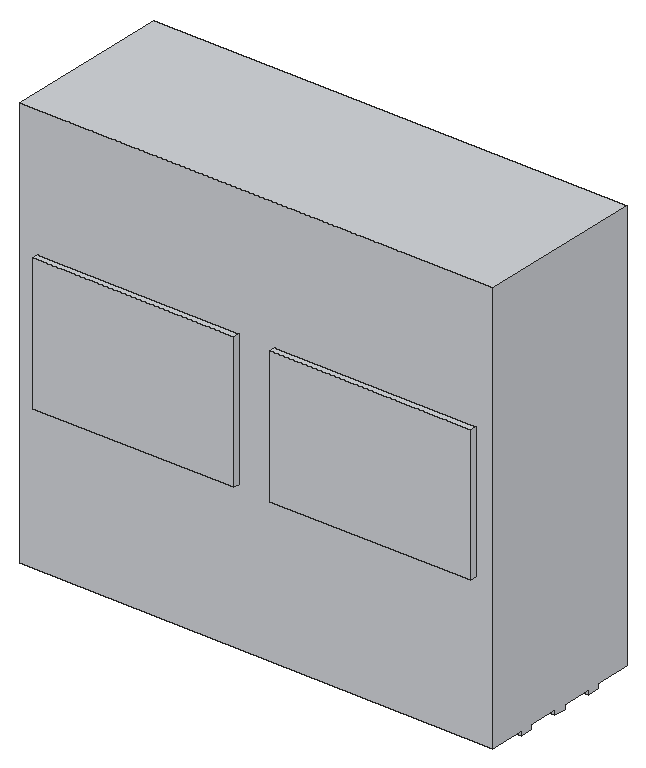
Revit family "829c65fca8234ed487878ad3ebd591b8", category Mechanical Equipment, Revit 2021
Family settings
  Round Connector Dimension = Use Radius
  Part Type = Normal
  OmniClass Number = 23.75.10.21.17
  OmniClass Title = Water-Source Heat Pumps
  Seek Item ID = WSHP - Vertical - 13-20 Tons - Front Return - Rear Discharge-0000-USA-ENU
  Work Plane-Based = No
  Always vertical = Yes
  Cut with Voids When Loaded = No
  Shared = No
  Room Calculation Point = No
Parameters (values of type "20 Tons")
  Water Supply Radius = 3/4"
  Water Supply Diameter = Water Supply Radius * 2  # 1 1/2"
  Water Return Radius = 3/4"
  Water Return Diameter = Water Return Radius * 2  # 1 1/2"
  Water Pressure Drop [instance] = 14.60 psi
  Water Flow [instance] = 60 GPM
  Voltage = 460 V
  Supply Air Width = 18 205/256"
  Supply Air Height = 16 13/128"
  Return Air Width = 34 205/256"
  Return Air Height = 23 51/128"
  Pump Width = 2' - 5"
  Pump Material = none
  Pump Length = 6' - 10"
  Pump Height = 5' - 11 1/2"
  Number of Poles = 3
  Load Classification = Cooling
  Drain Flow [instance] = 0 GPM
  Distance 1 = 1' - 10 77/256"
  Default Elevation = 0' - 0"
  Condensate Radius = 1/2"
  Condensate Diameter = Condensate Radius * 2  # 1"
  C8 Offset 2 = 0' - 2 13/128"
  C8 Offset 1 = 0' - 1"
  C6 Offset 2 = 1' - 10 77/128"
  C6 Offset 1 = 0' - 3 13/128"
  C4 Offset 1 = 0' - 5 205/256"
  C3 Offset 1 = 1' - 2 1/2"
  C2 Offset 1 = 0' - 4"
  C1 Offset 2 = 1' - 8 1/2"
  C1 Offset 1 = 0' - 7 51/128"
  Apparent Load = 18768 VA
  External Static Pressure [instance] = 1.50 in-wg
  Air Flow 1 [instance] = Air Flow / 2  # 4200 CFM
  Air Flow [instance] = 8400 CFM
Types (4): name | Water Pressure Drop | Water Flow | Supply Air Width | Supply Air Height | Return Air Height | Distance 1 | C4 Offset 1 | Apparent Load | External Static Pressure | Air Flow 1 | Air Flow
  (no name) | 14.60 psi | 60 GPM | 18 205/256" | 16 13/128" | 23 51/128" | 1' - 10 77/256" | 0' - 5 205/256" | 18768 VA | 1.50 in-wg | 4200 CFM | 8400 CFM
  13 Tons | 9.40 psi | 37 GPM | 14 179/256" | 15 205/256" | 23 77/128" | 1' - 1 205/256" | 1' - 7 51/128" | 11132 VA | 1.00 in-wg | 2600 CFM | 5200 CFM
  17 Tons | 11.10 psi | 48 GPM | 18 205/256" | 16 13/128" | 23 51/128" | 1' - 10 77/256" | 0' - 5 205/256" | 17296 VA | 1.50 in-wg | 3500 CFM | 7000 CFM
  20 Tons | 14.60 psi | 60 GPM | 18 205/256" | 16 13/128" | 23 51/128" | 1' - 10 77/256" | 0' - 5 205/256" | 18768 VA | 1.50 in-wg | 4200 CFM | 8400 CFM
Reference planes (in)
  plane 1 "Center (Front/Back)": y = 0
  plane 2: z = 0
  plane 3 "Center (Left/Right)": x = 0
  plane 4: x = 82
  plane 5: y = 29
  plane 6: z = 72.25
  plane 7: z = 0.75
  plane 8: y = 14.5
  plane 9: y = 15.5
  plane 10: y = 13.5
  plane 11: y = 21.75
  plane 12: y = 7.25
  plane 13: y = 22.75
  plane 14: y = 20.75
  plane 15: y = 8.25
  plane 16: y = 6.25
  plane 17: z = 21.25
  plane 18: y = 4
  plane 19: y = 7.39844
  plane 20: y = 14.5
  plane 21: x = -1
  plane 22: z = 2.10156
  plane 23: x = 81
  plane 24: y = -1
  plane 25: x = 3.10156
  plane 26: z = 49.64844
  plane 27: x = 37.90234
  plane 28: x = 44.20234
  plane 29: x = 79.00313
  plane 30: z = 26.25
  plane 31: x = 65.70313
  plane 32: x = 46.90234
  plane 33: x = 24.60156
  plane 34: x = 5.80078
  plane 35: z = 70.5
  plane 36: z = 54.39844
  plane 37: y = 30
  plane 38: y = 1
Forms (in)
  Extrusion 1, solid, material <- "Pump Material"
    sketch origin (0, 0, 0) x (1, 0, 0) y (0, 1, 0)
      loop
        line (0, 29) -> (0, 0) -> (82, 0) -> (82, 29) -> (0, 29)
    from 0.75 to 72.25
  Extrusion 2, solid, material <- "Pump Material"
    sketch origin (0, 0, 0) x (0, 1, 0) y (0, 0, 1)
      loop
        line (15.5, 0.75) -> (13.5, 0.75) -> (13.5, 0) -> (15.5, 0) -> (15.5, 0.75)
    from 0 to 82
  Extrusion 3, solid, material <- "Pump Material"
    sketch origin (0, 0, 0) x (0, 1, 0) y (0, 0, 1)
      loop
        line (22.75, 0.75) -> (20.75, 0.75) -> (20.75, 0) -> (22.75, 0) -> (22.75, 0.75)
    from 0 to 82
  Extrusion 4, solid, material <- "Pump Material"
    sketch origin (0, 0, 0) x (0, 1, 0) y (0, 0, 1)
      loop
        line (8.25, 0.75) -> (6.25, 0.75) -> (6.25, 0) -> (8.25, 0) -> (8.25, 0.75)
    from 0 to 82
  Extrusion 5, solid, material <- "Pump Material"
    sketch origin (0, 0, 0) x (0, 1, 0) y (0, 0, 1)
      loop
        circle (4, 21.25) r 0.75
    from 0 to -1
  Extrusion 6, solid, material <- "Pump Material"
    sketch origin (0, 0, 0) x (0, 1, 0) y (0, 0, 1)
      loop
        circle (7.39844, 21.25) r 0.75
    from 0 to -1
  Extrusion 7, solid, material <- "Pump Material"
    sketch origin (0, 0, 0) x (0, 1, 0) y (0, 0, 1)
      loop
        circle (14.5, 21.25) r 0.5
    from 0 to -1
  Extrusion 8, solid, material <- "Pump Material"
    sketch origin (0, 0, 0) x (1, 0, 0) y (0, 0, 1)
      loop
        circle (81, 2.10156) r 0.5
    from -1 to 0
  Extrusion 9, solid, material <- "Pump Material"
    sketch origin (0, 0, 0) x (1, 0, 0) y (0, 0, 1)
      loop
        line (3.10156, 49.64844) -> (3.10156, 26.25) -> (37.90234, 26.25) -> (37.90234, 49.64844) -> (3.10156, 49.64844)
      loop
        line (44.20234, 49.64844) -> (44.20234, 26.25) -> (79.00313, 26.25) -> (79.00313, 49.64844) -> (44.20234, 49.64844)
    from 0 to 1
  Extrusion 10, solid, material <- "Pump Material"
    sketch origin (0, 0, 0) x (1, 0, 0) y (0, 0, 1)
      loop
        line (5.80078, 70.5) -> (5.80078, 54.39844) -> (24.60156, 54.39844) -> (24.60156, 70.5) -> (5.80078, 70.5)
    from -29 to -30
  Extrusion 11, solid, material <- "Pump Material"
    sketch origin (0, 0, 0) x (1, 0, 0) y (0, 0, 1)
      loop
        line (46.90234, 70.5) -> (46.90234, 54.39844) -> (65.70313, 54.39844) -> (65.70313, 70.5) -> (46.90234, 70.5)
    from -29 to -30
Cuts and joins
  joined: Extrusion 1, Extrusion 2, Extrusion 3, Extrusion 4, Extrusion 5, Extrusion 6, Extrusion 7, Extrusion 8, Extrusion 9, Extrusion 10, Extrusion 11
Dimensions and locks (in)
  "Pump Length": plane 3 "Center (Left/Right)" to plane 4
  "Pump Width": plane 5 to plane 1 "Center (Front/Back)"
  locked: plane 7 to plane 2 at 0.75
  "Pump Height": plane 6 to plane 7
  equal spacing: plane 5, plane 8, plane 1 "Center (Front/Back)"
  plane 9 to plane 8 to plane 10 = 0' - 1" locked, 0' - 1" locked
  equal spacing: plane 5, plane 11, plane 8
  equal spacing: plane 8, plane 12, plane 1 "Center (Front/Back)"
  plane 13 to plane 11 to plane 14 = 0' - 1" locked, 0' - 1" locked
  plane 15 to plane 12 to plane 16 = 0' - 1" locked, 0' - 1" locked
  plane 17 to plane 7 = 1' - 8 1/2"
  "C2 Offset 1": plane 18 to plane 1 "Center (Front/Back)"
  "C1 Offset 1": plane 19 to plane 1 "Center (Front/Back)"
  "C3 Offset 1": plane 20 to plane 1 "Center (Front/Back)"
  plane 21 to plane 3 "Center (Left/Right)" = 0' - 1"
  "C8 Offset 2": plane 22 to plane 2
  "C8 Offset 1": plane 4 to plane 23
  locked: plane 24 to plane 1 "Center (Front/Back)" at 1
  locked: plane 27 to plane 28 at 6.3
  "C6 Offset 1": plane 25 to plane 3 "Center (Left/Right)"
  "Return Air Width": plane 25 to plane 27
  "Return Air Width": plane 28 to plane 29
  "C6 Offset 2": plane 6 to plane 26
  "Return Air Height": plane 26 to plane 30
  "C4 Offset 1": plane 3 "Center (Left/Right)" to plane 34
  "Supply Air Width": plane 34 to plane 33
  "Distance 1": plane 33 to plane 32
  "Supply Air Width": plane 32 to plane 31
  locked: plane 6 to plane 35 at 1.75
  "Supply Air Height": plane 35 to plane 36
  locked: plane 37 to plane 5 at 1
  locked: plane 38 to plane 1 "Center (Front/Back)" at 1
  "Water Return Radius": radius of Extrusion 5 sketch curve
  "Water Supply Radius": radius of Extrusion 6 sketch curve
  "Condensate Radius": radius of Extrusion 7 sketch curve
  radius of Extrusion 8 sketch curve = 0' - 0 1/2"
  aligned and locked: Extrusion 1 to plane 3 "Center (Left/Right)"
  aligned and locked: Extrusion 1 to plane 5
  aligned and locked: plane 4 to Extrusion 1
  aligned and locked: plane 1 "Center (Front/Back)" to Extrusion 1
  aligned and locked: Extrusion 1 to plane 6
  aligned and locked: Extrusion 1 to plane 7
  aligned and locked: Extrusion 2 to plane 9
  aligned and locked: plane 10 to Extrusion 2
  aligned and locked: plane 7 to Extrusion 2
  aligned and locked: Extrusion 2 to plane 2
  aligned and locked: Extrusion 3 to plane 13
  aligned and locked: plane 14 to Extrusion 3
  aligned and locked: plane 7 to Extrusion 3
  aligned and locked: Extrusion 3 to plane 2
  aligned and locked: Extrusion 4 to plane 15
  aligned and locked: plane 16 to Extrusion 4
  aligned and locked: plane 7 to Extrusion 4
  aligned and locked: Extrusion 4 to plane 2
  aligned and locked: Extrusion 3 to plane 3 "Center (Left/Right)"
  aligned and locked: Extrusion 2 to plane 3 "Center (Left/Right)"
  aligned and locked: Extrusion 4 to plane 3 "Center (Left/Right)"
  aligned and locked: plane 4 to Extrusion 3
  aligned and locked: plane 4 to Extrusion 2
  aligned and locked: plane 4 to Extrusion 4
  aligned and locked: plane 17 to Extrusion 5 sketch curve
  aligned and locked: plane 17 to Extrusion 6 sketch curve
  aligned and locked: plane 17 to Extrusion 7 sketch curve
  aligned and locked: plane 18 to Extrusion 5 sketch curve
  aligned and locked: plane 19 to Extrusion 6 sketch curve
  aligned and locked: plane 20 to Extrusion 7 sketch curve
  aligned and locked: Extrusion 7 to plane 3 "Center (Left/Right)"  (x2)
  aligned and locked: Extrusion 7 to plane 21
  aligned and locked: Extrusion 6 to plane 21
  aligned and locked: Extrusion 5 to plane 21
  aligned and locked: plane 3 "Center (Left/Right)" to Extrusion 6
  aligned and locked: plane 3 "Center (Left/Right)" to Extrusion 5
  aligned and locked: Extrusion 8 sketch curve to plane 22
  aligned and locked: plane 23 to Extrusion 8 sketch curve
  aligned and locked: Extrusion 9 to plane 25
  aligned and locked: Extrusion 9 to plane 27
  aligned and locked: plane 28 to Extrusion 9
  aligned and locked: plane 29 to Extrusion 9
  aligned and locked: Extrusion 9 to plane 26  (x2)
  aligned and locked: plane 30 to Extrusion 9  (x2)
  aligned and locked: Extrusion 9 to plane 24
  aligned and locked: plane 32 to Extrusion 11
  aligned and locked: Extrusion 11 to plane 31
  aligned and locked: Extrusion 10 to plane 33
  aligned and locked: plane 34 to Extrusion 10
  aligned and locked: plane 35 to Extrusion 11
  aligned and locked: plane 35 to Extrusion 10
  aligned and locked: Extrusion 11 to plane 36
  aligned and locked: Extrusion 10 to plane 36
  aligned and locked: plane 37 to Extrusion 10
  aligned and locked: plane 37 to Extrusion 11
  aligned and locked: Extrusion 10 to plane 5
  aligned and locked: Extrusion 11 to plane 5
  aligned and locked: plane 38 to Extrusion 8
  aligned and locked: plane 1 "Center (Front/Back)" to Extrusion 8
Automatic sketch dimensions
  plane 3 "Center (Left/Right)" to Extrusion 1 sketch curve = 0' - 0"
  Extrusion 1 sketch curve to plane 1 "Center (Front/Back)" = 0' - 0"
  plane 4 to Extrusion 1 sketch curve = 0' - 0"
  plane 5 to Extrusion 1 sketch curve = 0' - 0"
  plane 8 to Extrusion 2 sketch curve = 0' - 1"
  Extrusion 2 sketch curve to plane 8 = 0' - 1"
  Extrusion 2 sketch curve to level = 0' - 0"
  plane 7 to Extrusion 2 sketch curve = 0' - 0"
  plane 11 to Extrusion 3 sketch curve = 0' - 1"
  Extrusion 3 sketch curve to plane 11 = 0' - 1"
  Extrusion 3 sketch curve to level = 0' - 0"
  plane 7 to Extrusion 3 sketch curve = 0' - 0"
  plane 12 to Extrusion 4 sketch curve = 0' - 1"
  Extrusion 4 sketch curve to level = 0' - 0"
  Extrusion 4 sketch curve to plane 12 = 0' - 1"
  plane 7 to Extrusion 4 sketch curve = 0' - 0"
  plane 17 to Extrusion 9 sketch curve = 0' - 5"  (x2)
  Extrusion 9 sketch curve to plane 6 = 1' - 10 77/128"  (x2)
  Extrusion 9 sketch curve to plane 27 = 0' - 0"
  Extrusion 9 sketch curve to plane 25 = 0' - 0"
  Extrusion 9 sketch curve to plane 28 = 0' - 0"
  Extrusion 9 sketch curve to plane 29 = 0' - 0"
  plane 25 to Extrusion 10 sketch curve = 0' - 2 179/256"
  Extrusion 10 sketch curve to plane 26 = 0' - 4 3/4"
  plane 27 to Extrusion 10 sketch curve = 1' - 1 77/256"
  Extrusion 10 sketch curve to plane 6 = 0' - 1 3/4"
  Extrusion 11 sketch curve to plane 26 = 0' - 4 3/4"
  Extrusion 11 sketch curve to plane 28 = 0' - 2.7"
  plane 29 to Extrusion 11 sketch curve = 1' - 1.3"
  Extrusion 11 sketch curve to plane 6 = 0' - 1 3/4"
Connectors (in)
  piping at (-1, 7.39844, 21.25), diameter 1.5, driven by "Water Flow", driven by "Water Supply Radius"
    settings: on Extrusion 6, index 1, connector inside diameter 1 1/2", connector length 0' - 0", flow factor 0, pipe flow 60 GPM, pressure drop 0.00 psi, fitting loss kfactor 0, connector angle 0.00°, fixture units 0, engagement length 0' - 0", angle of deflection 0.00°, flow configuration 1, flow direction 1, fitting loss method 4, system type 7, joint type 0, gender type 0, connector reference index 2, connector utility 0, adjustable connector no, is connector primary yes, connector description "Water Supply In"
  piping at (-1, 4, 21.25), diameter 1.5, driven by "Water Flow", driven by "Water Return Radius", driven by "Water Pressure Drop"
    settings: on Extrusion 5, index 2, connector inside diameter 1 1/2", connector length 0' - 0", flow factor 0, pipe flow 60 GPM, pressure drop 14.60 psi, fitting loss kfactor 0, connector angle 0.00°, fixture units 0, engagement length 0' - 0", angle of deflection 0.00°, flow configuration 1, flow direction 2, fitting loss method 4, system type 8, joint type 0, gender type 0, connector reference index 1, connector utility 0, adjustable connector no, is connector primary no, connector description "Water Return Out"
  piping at (-1, 14.5, 21.25), diameter 1, driven by "Condensate Radius", driven by "Drain Flow"
    settings: on Extrusion 7, index 3, connector inside diameter 1", connector length 0' - 0", flow factor 0, pipe flow 0 GPM, pressure drop 0.00 psi, fitting loss kfactor 0, connector angle 0.00°, fixture units 0, engagement length 0' - 0", angle of deflection 0.00°, flow configuration 1, flow direction 2, fitting loss method 0, system type 16, joint type 0, gender type 0, connector reference index -1, connector utility 0, adjustable connector yes, is connector primary no, connector description "Condensate Out"
  hvac at (15.20117, 30, 62.44922), driven by "Air Flow 1", driven by "Supply Air Height", driven by "Supply Air Width"
    settings: on Extrusion 10, index 4, duct flow 4200 CFM, flow factor 0, pres drop 0.00 in-wg, loss coef 0, conn angle 0.00°, conn width 18 205/256", conn height 16 13/128", conn diameter 24", duct sys type 1, conn prof type 1, flow config 0, flow direction 2, loss method 0, conn ref index -1, conn util no, is conn primary yes, conn desc ""
  hvac at (56.30273, 30, 62.44922), driven by "Air Flow 1", driven by "Supply Air Height", driven by "Supply Air Width"
    settings: on Extrusion 11, index 5, duct flow 4200 CFM, flow factor 0, pres drop 0.00 in-wg, loss coef 0, conn angle 0.00°, conn width 18 205/256", conn height 16 13/128", conn diameter 24", duct sys type 1, conn prof type 1, flow config 0, flow direction 2, loss method 0, conn ref index -1, conn util no, is conn primary no, conn desc ""
  hvac at (20.50195, -1, 37.94922), driven by "Air Flow 1", driven by "Return Air Height", driven by "Return Air Width"
    settings: on Extrusion 9, index 6, duct flow 4200 CFM, flow factor 0, pres drop 0.00 in-wg, loss coef 0, conn angle 0.00°, conn width 34 205/256", conn height 23 51/128", conn diameter 24", duct sys type 2, conn prof type 1, flow config 0, flow direction 1, loss method 4, conn ref index -1, conn util no, is conn primary no, conn desc ""
  hvac at (61.60273, -1, 37.94922), driven by "Air Flow 1", driven by "Return Air Height", driven by "Return Air Width"
    settings: on Extrusion 9, index 7, duct flow 4200 CFM, flow factor 0, pres drop 0.00 in-wg, loss coef 0, conn angle 0.00°, conn width 34 205/256", conn height 23 51/128", conn diameter 24", duct sys type 2, conn prof type 1, flow config 0, flow direction 1, loss method 4, conn ref index -1, conn util no, is conn primary no, conn desc ""
  electrical at (81, 0, 2.10156), driven by "Apparent Load", driven by "Voltage", driven by "Number of Poles", driven by "Load Classification"
    settings: on Extrusion 8, index 8, voltage 460 V, apparent load 18768 VA, apparent load phase1 0 VA, apparent load phase2 0 VA, apparent load phase3 0 VA, power factor 0.8, load classification "Cooling", number of poles 3, system type 30, power factor state 1, is connector primary yes, connector utility no, sub classification motor no, connector description ""
